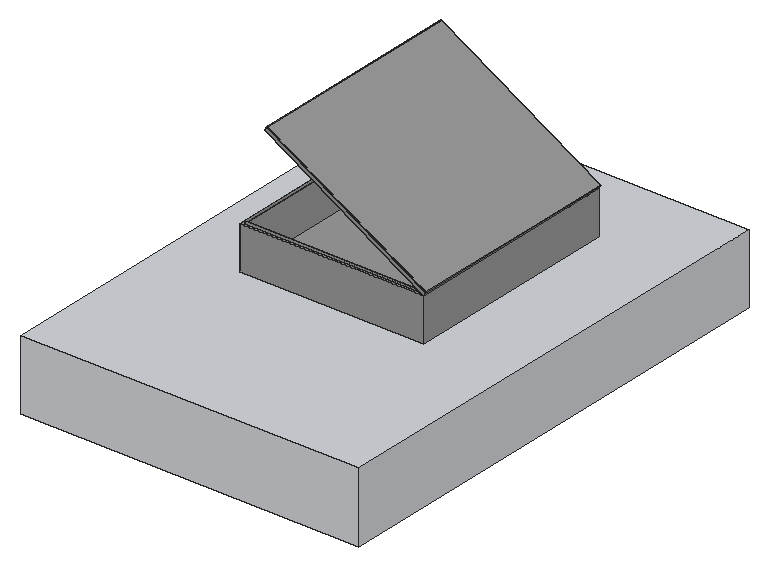
Revit family "Hager-Univers-IP44-D205-H950-Cl.II-Encl-SE-en", category Equipement électrique, Revit 2020
Family settings
  Hôte = Face
  Configuration du panneau = Deux colonnes, circuits au sein
  Cote de connecteur circulaire = Utiliser le diamètre
  Type d'élément = Tableau de raccordement
  Couper avec des vides une fois chargée = Non
  Partagée = Non
  Point de calcul de pièce = Non
Parameters (values of type "Surface mounted (plaster) IP44 W800 H950 D205  - FP63SN2")
  Width Control [instance] = if([EF000008 - Width] > Min Width, [EF000008 - Width], Min Width)  # 800 mm
  Commentaires du type = [HG000003 - Range]  # "Univers"
  Thickness Door [instance] = if([EF009171 - Material plate thickness door/cover] > 3 mm, 3 mm, [EF009171 - Material plate thickness door/cover])  # 1 mm
  Seal Frame Offset [instance] = 17 mm  # constant formula
  Plinth Visibility [instance] = [HG000027 - Plinth height] > 0 mm  # no
  Model = ""
  Min Width [instance] = 100 mm  # constant formula
  Min Height [instance] = 100 mm  # constant formula
  Min Depth [instance] = (2 * [EF009170 - Material plate thickness cabinet]) + 1 mm  # 3 mm
  Internal Frame Depth [instance] = (Door System Depth * 0.5)  # 9 mm
  Height Control [instance] = if([EF000040 - Height] > Min Height, [EF000040 - Height], Min Height)  # 950 mm
  HG000027 - Plinth height = 0 mm
  HG000026 - Floor standing = no
  HG000024 - Bottom section height = 800 mm
  HG000023 - Double section enclosure = no
  HG000016 - Door 3d visibility [instance] = yes
  HG000015 - Clearance visibility [instance] = no
  HG000014 - Door on the right [instance] = yes
  HG000013 - Door on the left [instance] = not([HG000014 - Door on the right])  # no
  HG000012 - Door swing angle [instance] = 30.00°
  HG000010 - Asymmetric doors = no
  HG000009 - Double swing door = no
  HG000006 - Flush mounted = no
  HG000004 - Manufacturer reference = "FP63SN2"
  HG000003 - Range = "Univers"
  HG000002 - With door or cover = yes
  Frame Offset Bottom [instance] = 10 mm  # constant formula
  Frame Offset [instance] = 15 mm  # constant formula
  EF015940 - Cover with overpressure release = no
  EF011959 - Degree of protection (NEMA) = ""
  EF009554 - Number of openings for flange plates = 6
  EF009212 - Cover model = "EV000116 - Closed"
  EF009171 - Material plate thickness door/cover = 1 mm
  EF009170 - Material plate thickness cabinet = 1 mm
  Fabricant = "Hager"  # constant formula
  EF008873 - Nominal current (In) = 250 A
  EF007800 - Suitable for lightning protection = no
  EF006306 - With lock = no
  EF006244 - Transparent cover/door = no
  EF005474 - Degree of protection (IP) = "EV006418 - IP44"
  EF004464 - Type of door = "EV002646 - Single"
  EF004427 - Number of modules = 216
  EF004293 - Impact strength = "EV006815 - IK09"
  EF003532 - Suitable for outdoor use = no
  EF002950 - Width in number of modular spacings = 36
  EF001613 - Circuit integrity = "EV000494 - None"
  EF001596 - Material housing = "EV000179 - Steel"
  EF001131 - Internal depth = 130 mm
  EF001088 - Extension possible = yes
  EF000437 - Number of conduit inlets = 6
  EF000339 - Type of cover = "EV004216 - Door"
  EF000266 - Number of rows = 6
  EF000218 - Built-in depth = 205 mm
  EF000118 - With mounting plate = no
  EF000116 - RAL-number = "9010"
  EF000049 - Depth = 205 mm
  EF000040 - Height = 950 mm
  EF000008 - Width = 800 mm
  EF000007 - Colour = "EV000202 - White"
  EF000003 - Mounting method = "EV000384 - Surface mounted (plaster)"
  Door System Leaf Tolerance [instance] = 1.5 mm  # constant formula
  Door System Depth [instance] = 18 mm  # constant formula
  Door Height [instance] = Height Control - [HG000027 - Plinth height]  # 950 mm
  Depth Control [instance] = if([EF000049 - Depth] > Min Depth, [EF000049 - Depth], Min Depth)  # 205 mm
  Default Elevation = 0 mm
  Connector Offset [instance] = Height Control / 2  # 475 mm
  Bottom Top Plate Trim [instance] = 1.5 mm  # constant formula
  Plinth height Ctrl [instance] = if([HG000027 - Plinth height] > 0 mm, [HG000027 - Plinth height], 12 mm)  # 12 mm
Types (5, lengths in mm): name | Width Control | HG000010 - Asymmetric doors | HG000009 - Double swing door | HG000004 - Manufacturer reference | EF009554 - Number of openings for flange plates | EF004464 - Type of door | EF004427 - Number of modules | EF002950 - Width in number of modular spacings | EF001131 - Internal depth | EF000437 - Number of conduit inlets | EF000339 - Type of cover | EF000008 - Width
  Surface mounted (plaster) IP44 W1050 H950 D205  - FP64SN2 | 1050 | no | yes | "FP64SN2" | 8 | "EV003602 - Double" | 288 | 48 | 130 | 8 | "EV004216 - Door" | 1050
  Surface mounted (plaster) IP44 W1300 H950 D205  - FP65SN2 | 1300 | yes | yes | "FP65SN2" | 10 | "EV003602 - Double" | 360 | 60 | 130 | 10 | "EV004216 - Door" | 1300
  Surface mounted (plaster) IP44 W300 H950 D205  - FP61SN2 | 300 | no | no | "FP61SN2" | 2 | "EV002646 - Single" | 72 | 12 | 143 | 2 | "EV001012 - Cover" | 300
  Surface mounted (plaster) IP44 W550 H950 D205  - FP62SN2 | 550 | no | no | "FP62SN2" | 4 | "EV002646 - Single" | 144 | 24 | 143 | 4 | "EV001012 - Cover" | 550
  Surface mounted (plaster) IP44 W800 H950 D205  - FP63SN2 | 800 | no | no | "FP63SN2" | 6 | "EV002646 - Single" | 216 | 36 | 130 | 6 | "EV004216 - Door" | 800
Reference planes
  plane 1 "Center (Front/Back)": y = 0
  plane 2: z = 0
  plane 3 "Center (Left/Right)": x = 0
  plane 4: z = 205
  plane 5: y = 1
  plane 6: y = 475
  plane 7: y = 0
  plane 8: y = 950
  plane 9: z = 0
  plane 10: x = -385
  plane 11: x = 385
  plane 12: x = 384
  plane 13: x = -384
  plane 14: y = 949
  plane 15: x = -383
  plane 16: x = -400
  plane 17: x = 383
  plane 18: x = 400
  plane 19: x = 399
  plane 20: x = -399
  plane 21: y = 11
  plane 22: y = 950
  plane 23: y = 934
  plane 24: z = 187
  plane 25: z = 1
  plane 26: z = 186
  plane 27: z = 204
Forms (mm)
  Extrusion 1, solid
    sketch origin (0, 0, 0) x (1, 0, 0) y (0, 1, 0)
      loop
        line (-702.964, 1305) -> (-702.964, -811.445) -> (766.763, -811.445) -> (766.763, 1305) -> (-702.964, 1305)
    from 0 to -304.8
  Extrusion 2, solid, material "Hager_Steel_RAL7035_Light_Grey", visible <- "Plinth Visibility", detail levels medium+fine
    sketch origin (0, 0, 0) x (1, 0, 0) y (0, 1, 0)
      loop
        line (-400, 0) -> (400, 0) -> (400, 12) -> (-400, 12) -> (-400, 0)
    from 0 to 187
  Extrusion 3, solid, material "Hager_Steel_RAL7035_Light_Grey", detail levels medium+fine
    sketch origin (0, 0, 0) x (1, 0, 0) y (0, 1, 0)
      loop
        line (-400, 0) -> (400, 0) -> (400, 950) -> (-400, 950) -> (-400, 0)
    from 0 to 187
  Extrusion 4, void
    sketch origin (0, 0, 0) x (1, 0, 0) y (0, 1, 0)
      loop
        line (-399, 1) -> (399, 1) -> (399, 949) -> (-399, 949) -> (-399, 1)
    from 1 to 186
  Extrusion 5, void
    sketch origin (-381.607, -4572, 187) x (0, -1, 0) y (-1, 0, 0)
      loop
        line (-4583, 2.393) -> (-5506, 2.393) -> (-5506, -765.607) -> (-4583, -765.607) -> (-4583, 2.393)
    from 0 to 1 <- "EF009170 - Material plate thickness cabinet"
  Extrusion 6, solid, material "Hager_Steel_RAL7035_Light_Grey", detail levels fine
    sketch origin (0, 0, 187) x (1, 0, 0) y (0, 1, 0)
      loop
        line (-384, 934) -> (-384, 11) -> (384, 11) -> (384, 934) -> (-384, 934)
      loop
        line (-385, 10) -> (385, 10) -> (385, 935) -> (-385, 935) -> (-385, 10)
    from 0 to 9 <- "Internal Frame Depth"
  Extrusion 7, solid, material "Hager_Steel_RAL7035_Light_Grey", detail levels coarse
    sketch origin (0, 0, 0) x (1, 0, 0) y (0, 1, 0)
      loop
        line (-400, 0) -> (400, 0) -> (400, 950) -> (-400, 950) -> (-400, 0)
    from 0 to 205
  Sweep 8, void
    path in 3D
      loop
        line (-400, 12, 0) -> (400, 12, 0) -> (400, 12, 187) -> (-400, 12, 187) -> (-400, 12, 0)
    profile origin (-400, 12, 93.5) x (-1, 0, 0) y (0, -1, 0)
      loop
        line (0, 0) -> (0, 1.5) -> (-1.5, 1.5)
        arc (-1.5, 1.5) -> (-1.061, 0.439) -> (0, 0) r 1.5
Cuts and joins
  Extrusion 4, Extrusion 5 cuts Extrusion 3
  Sweep 8 cuts Extrusion 2
Lines and regions (mm)
  Masking region 1
    outline origin (0, 0, 0) x (1, 0, 0) y (0, 0, 1)
      loop
        line (-400, 205) -> (-400, 0) -> (400, 0) -> (400, 205) -> (-400, 205)
  Masking region 2, detail levels medium+fine
    outline origin (0, 140, 0) x (0, 1, 0) y (0, 0, 1)
      loop
        line (-140, 0) -> (810, 0) -> (810, 187) -> (-140, 187) -> (-140, 0)
  Masking region 3, not visible, detail levels medium+fine
    outline origin (0, 297.922, 0) x (0, 1, 0) y (0, 0, 1)
      loop
        line (188.578, 0) -> (228.578, 0) -> (228.578, 194)
        arc (228.578, 194) -> (225.649, 201.071) -> (218.578, 204) r 10
        line (218.578, 204) -> (188.578, 204) -> (188.578, 0)
  Masking region 4, detail levels coarse
    outline origin (0, 0, 180) x (0, 1, 0) y (0, 0, 1)
      loop
        line (0, -180) -> (950, -180) -> (950, 25) -> (0, 25) -> (0, -180)
  Masking region 5, visible <- "Plinth Visibility", detail levels medium+fine
    outline origin (0, 52.24, 12.345) x (0, 0, -1) y (0, 1, 0)
      loop
        line (10.845, -40.24) -> (-173.155, -40.24)
        arc (-173.155, -40.24) -> (-173.594, -41.301) -> (-174.655, -41.74) r 1.5
        line (-174.655, -41.74) -> (-174.655, -52.24) -> (12.345, -52.24) -> (12.345, -41.74)
        arc (12.345, -41.74) -> (11.285, -41.301) -> (10.845, -40.24) r 1.5
  Masking region 6, detail levels medium+fine
    outline origin (-381.607, -4572, 187) x (-1, 0, 0) y (0, -1, 0)
      loop
        line (18.393, -5522) -> (18.393, -4572) -> (-781.607, -4572) -> (-781.607, -5522) -> (18.393, -5522)
  Masking region 7, visible <- "Plinth Visibility", detail levels medium+fine
    outline origin (-381.607, -4727, 187) x (-1, 0, 0) y (0, -1, 0)
      loop
        arc (16.893, -4739) -> (17.332, -4737.939) -> (18.393, -4737.5) r 1.5
        line (18.393, -4737.5) -> (18.393, -4727) -> (-781.607, -4727) -> (-781.607, -4737.5)
        arc (-781.607, -4737.5) -> (-780.546, -4737.939) -> (-780.107, -4739) r 1.5
        line (-780.107, -4739) -> (16.893, -4739)
  Masking region 8, detail levels coarse
    outline origin (-442.548, -4669.526, 187) x (-1, 0, 0) y (0, -1, 0)
      loop
        line (-42.548, -5619.526) -> (-42.548, -4669.526) -> (-842.548, -4669.526) -> (-842.548, -5619.526) -> (-42.548, -5619.526)
  sketch lines
    curve 1: line (-400, 12, 187) -> (-400, 12, 0)
    curve 2: line (400, 12, 187) -> (-400, 12, 187)
    curve 3: line (400, 12, 187) -> (400, 12, 0)
    curve 4: line (-400, 12, 0) -> (400, 12, 0)
Dimensions and locks
  "Depth Control": plane 4 to Extrusion 1
  "HG000027 - Plinth height": plane 1 "Center (Front/Back)" to plane 7
  "EF009170 - Material plate thickness cabinet": plane 5 to plane 7
  locked: connector elem to plane 3 "Center (Left/Right)"
  equal spacing: plane 8, plane 6, plane 7
  locked: connector elem to plane 6
  "EF009170 - Material plate thickness cabinet": plane 8 to plane 14
  "EF009170 - Material plate thickness cabinet": plane 10 to plane 13
  "EF009170 - Material plate thickness cabinet": plane 12 to plane 11
  "Frame Offset": plane 20 to plane 13
  "Frame Offset": plane 12 to plane 19
  "EF009170 - Material plate thickness cabinet": plane 16 to plane 20
  "EF009170 - Material plate thickness cabinet": plane 19 to plane 18
  "Seal Frame Offset": plane 16 to plane 15
  "Seal Frame Offset": plane 17 to plane 18
  "Frame Offset Bottom": plane 21 to plane 5
  "Frame Offset": plane 14 to plane 23
  equal spacing: plane 16, plane 3 "Center (Left/Right)", plane 18
  "Width Control": plane 16 to plane 18
  "EF009170 - Material plate thickness cabinet": plane 4 to plane 27
  "EF009170 - Material plate thickness cabinet": plane 24 to plane 26
  "EF009170 - Material plate thickness cabinet": plane 25 to level
  "Door System Depth": plane 4 to plane 24
  "Height Control": plane 1 "Center (Front/Back)" to Extrusion 7 sketch curve
  "Height Control": Masking region 4 sketch curve to plane 1 "Center (Front/Back)"
  "Height Control": plane 1 "Center (Front/Back)" to plane 22
  "Bottom Top Plate Trim": profile plane to Sweep 8 sketch curve
  "Bottom Top Plate Trim": Sweep 8 sketch curve to profile plane
  "Plinth height Ctrl": plane 1 "Center (Front/Back)" to Extrusion 2 sketch curve
  "Plinth height Ctrl": Masking region 5 sketch curve to plane 1 "Center (Front/Back)"
  "Plinth height Ctrl": plane 1 "Center (Front/Back)" to Masking region 7 sketch curve
  "Thickness Door": Extrusion 6 sketch curve to Extrusion 6 sketch curve  (x3)
  "Thickness Door": cut or joined group of Extrusion 3, Extrusion 4, Extrusion 5 to Extrusion 6 sketch curve
  radius of Masking region 3 sketch curve = 10 mm
  "Bottom Top Plate Trim": radius of Masking region 5 sketch curve  (x2)
  "Bottom Top Plate Trim": radius of Sweep 8 sketch curve
  "Bottom Top Plate Trim": radius of Masking region 7 sketch curve  (x2)
  aligned and locked: plane 2 to Extrusion 1
  aligned and locked: level to Extrusion 1
  aligned and locked: level to Masking region 1 sketch curve
  aligned and locked: Masking region 1 sketch curve to plane 18
  aligned and locked: Masking region 1 sketch curve to plane 16
  aligned and locked: plane 7 to Masking region 2 sketch curve
  aligned and locked: level to Masking region 3 sketch curve
  aligned and locked: Masking region 3 sketch curve to plane 27
  aligned and locked: level to Masking region 2 sketch curve
  aligned and locked: plane 1 "Center (Front/Back)" to Extrusion 2 sketch curve
  aligned and locked: Extrusion 3 sketch curve to plane 7
  aligned and locked: plane 16 to Extrusion 3 sketch curve
  aligned and locked: plane 18 to Extrusion 3 sketch curve
  aligned and locked: plane 20 to Extrusion 4 sketch curve
  aligned and locked: plane 19 to Extrusion 4 sketch curve
  aligned and locked: Extrusion 4 sketch curve to plane 5
  aligned and locked: Extrusion 4 to plane 25
  aligned and locked: plane 26 to Extrusion 4
  aligned and locked: plane 24 to Extrusion 3
  aligned and locked: Extrusion 5 sketch curve to plane 21
  aligned and locked: Extrusion 5 sketch curve to plane 13
  aligned and locked: Extrusion 5 sketch curve to plane 12
  aligned and locked: plane 18 to Extrusion 7 sketch curve
  aligned and locked: plane 1 "Center (Front/Back)" to Extrusion 7 sketch curve
  aligned and locked: plane 16 to Extrusion 7 sketch curve
  aligned and locked: plane 4 to Extrusion 7
  aligned and locked: Extrusion 7 to level
  aligned and locked: level to Masking region 4 sketch curve
  aligned and locked: Masking region 4 sketch curve to plane 1 "Center (Front/Back)"
  aligned and locked: Masking region 4 sketch curve to plane 4
  aligned and locked: nested 1 to level
  aligned and locked: nested 1 to plane 16
  aligned and locked: plane 8 to Extrusion 3 sketch curve
  aligned and locked: plane 23 to Extrusion 5 sketch curve
  aligned and locked: plane 14 to Extrusion 4 sketch curve
  aligned and locked: Masking region 2 sketch curve to plane 8
  aligned and locked: level to Masking region 5 sketch curve
  aligned and locked: plane 16 to Extrusion 2 sketch curve
  aligned and locked: plane 18 to Extrusion 2 sketch curve
  aligned and locked: Masking region 5 sketch curve to plane 24
  aligned and locked: Masking region 2 sketch curve to plane 24
  aligned and locked: plane 24 to Extrusion 2
  aligned and locked: profile plane to Sweep 8 sketch curve  (x2)
  aligned and locked: Masking region 6 sketch curve to plane 18
  aligned and locked: Masking region 6 sketch curve to plane 22
  aligned and locked: Masking region 6 sketch curve to plane 16
  aligned and locked: plane 8 to plane 22
  aligned and locked: Masking region 6 sketch curve to plane 7
  aligned and locked: Masking region 7 sketch curve to plane 16
  aligned and locked: Masking region 7 sketch curve to plane 1 "Center (Front/Back)"
  aligned and locked: Masking region 7 sketch curve to plane 18
  aligned and locked: Masking region 8 sketch curve to plane 1 "Center (Front/Back)"
  aligned and locked: Masking region 8 sketch curve to plane 18
  aligned and locked: Masking region 8 sketch curve to plane 22
  aligned and locked: Masking region 8 sketch curve to plane 16
  aligned and locked: nested 2 to plane 7
  aligned and locked: plane 3 "Center (Left/Right)" to nested 2
  aligned and locked: nested 2 to plane 24
  aligned and locked: Extrusion 6 sketch curve to cut or joined group of Extrusion 3, Extrusion 4, Extrusion 5  (x4)
Automatic sketch dimensions
  Extrusion 1 sketch curve to Extrusion 1 sketch curve = 1469.727 mm
  Extrusion 1 sketch curve to Extrusion 1 sketch curve = 2116.445 mm
  Masking region 1 sketch curve to plane 4 = 0 mm
  plane 6 to Masking region 3 sketch curve = 11.5 mm
  Masking region 3 sketch curve to Masking region 3 sketch curve = 30 mm
  Masking region 5 sketch curve to plane 1 "Center (Front/Back)" = 0 mm
Nested families
  nested 1: "Hager_Enclosure_Symbol" at (-400, 0, 0) x (1, 0, 0) z (0, -1, 0), Height <- "Depth Control", Width <- "Width Control", type "Hager_Enclosure_Symbol"
    with Width_Ctrl 800 mm, Width 800 mm, Height_Ctrl 205 mm, Height 205 mm, A_Width_Int 13.453 mm, A_Width 161.438 mm, A_Height_Ctrl 179.375 mm, A_Height 179.375 mm
  nested 2: "EC000058_Univers_Door" at (0, 0, 187) x (1, 0, 0) z (0, 1, 0), Leaf_Tolerance <- "Door System Leaf Tolerance", Angle <- "HG000012 - Door swing angle", Door_Depth <- "Door System Depth", Door_Left <- "HG000013 - Door on the left", Transparent <- "EF006244 - Transparent cover/door", Assymetrical <- "HG000010 - Asymmetric doors", Width <- "Width Control", Clearance <- "HG000015 - Clearance visibility", Double <- "HG000009 - Double swing door", 3d_Door <- "HG000016 - Door 3d visibility", Lock_Visibility <- "EF006306 - With lock", Width_Ctrl <- "Width Control", Door_Right <- "HG000014 - Door on the right", Door <- "HG000002 - With door or cover", Height <- "Door Height", Thickness <- "Thickness Door", type "EC000058_Univers_Door", detail levels medium+fine
    with min_wh 3 mm, Width_Ctrl 800 mm, Width 800 mm, Transparent no, Thickness 1 mm, Seal_Material Hager_Rubber, Lock_Visibility no, Lock_Material Hager_Plastic_RAL9005_Jet_Black, Leaf_Width 800 mm, Leaf_Tolerance_External_Sides 0 mm, Leaf_Tolerance 1.5 mm, Leaf_Offset 0 mm, Leaf_Height 947 mm, Leaf_2_Width 800 mm, Leaf_2_Offset 400 mm, Leaf_1_Width 800 mm, Leaf_1_Offset 400 mm, Height_Ctrl 950 mm, Height 950 mm, Glass_Material Hager_Glass, Double_Clearance_Ctrl no, Double no, Door_Right_Ctrl yes, Door_Right yes, Door_Material Hager_Steel_RAL7035_Light_Grey, Door_Left_Ctrl no, Door_Left no, Door_Depth 18 mm, Door yes, Clearance_Material Hager_Clearance, Clearance_Depth 800 mm, Clearance_Ctrl no, Clearance no, Assymetrical no, Angle 30.00°, 3d_Door yes
Connectors
  electrical at (0, 475, 0)
    settings: on plane 9, index 1, voltage 0 V, apparent load 0 VA, apparent load phase1 0 VA, apparent load phase2 0 VA, apparent load phase3 0 VA, power factor 1, load classification "Other", number of poles 1, system type 30, power factor state 1, is connector primary yes, connector utility no, sub classification motor no, connector description ""
Definition of nested family "EC000058_Univers_Door"
  Parameters (values of type "EC000058_Univers_Door")
    min_wh [instance] = (2 * Thickness) + 1 mm  # 11 mm
    Width_Ctrl [instance] = 400 mm
    Width [instance] = 500 mm
    Transparent [instance] = yes
    Thickness [instance] = 5 mm
    Seal_Material [instance] = none
    Lock_Visibility [instance] = yes
    Lock_Material [instance] = none
    Leaf_Width [instance] = if((Width_Ctrl - 2 * Leaf_Tolerance_External_Sides) > 0 mm, (Width_Ctrl - 2 * Leaf_Tolerance_External_Sides), min_wh)  # 400 mm
    Leaf_Tolerance_External_Sides [instance] = 0 mm  # constant formula
    Leaf_Tolerance [instance] = 1.5 mm
    Leaf_Offset [instance] = 0 mm  # constant formula
    Leaf_Height [instance] = if((Height_Ctrl - 2 * Leaf_Tolerance) > 0 mm, (Height_Ctrl - 2 * Leaf_Tolerance), min_wh)  # 497 mm
    Leaf_2_Width [instance] = if(and(and(Double, Assymetrical), Door_Left), (Leaf_Width / 3) - (Leaf_Tolerance / 2), if(and(and(Double, Assymetrical), Door_Right), (Leaf_Width / 3) * 2 - (Leaf_Tolerance / 2), if(and(Double, not(Assymetrical)), (Leaf_Width / 2) - Leaf_Tolerance, Leaf_Width)))  # 400 mm
    Leaf_2_Offset [instance] = if(and(Double, Assymetrical), Leaf_2_Width / 2, if(and(Double, not(Assymetrical)), Leaf_Width / 4, Leaf_Width / 2))  # 200 mm
    Leaf_1_Width [instance] = if(and(and(Double, Assymetrical), Door_Right), (Leaf_Width / 3) - (Leaf_Tolerance / 2), if(and(and(Double, Assymetrical), Door_Left), (Width / 3) * 2 - (Leaf_Tolerance / 2), if(and(Double, not(Assymetrical)), (Leaf_Width / 2) - Leaf_Tolerance, Leaf_Width)))  # 400 mm
    Leaf_1_Offset [instance] = if(and(Double, Assymetrical), Leaf_1_Width / 2, if(and(Double, not(Assymetrical)), Leaf_Width / 4, Leaf_Width / 2))  # 200 mm
    Height_Ctrl [instance] = if(Height > min_wh, Height, min_wh)  # 500 mm
    Height [instance] = 500 mm
    Glass_Material [instance] = none
    Double_Clearance_Ctrl [instance] = and(Double, Clearance)  # no
    Double [instance] = no
    Door_Right_Ctrl [instance] = and(or(Door_Right, Double), Door)  # yes
    Door_Right [instance] = yes
    Door_Material [instance] = none
    Door_Left_Ctrl [instance] = and(or(Door_Left, Double), Door)  # no
    Door_Left [instance] = no
    Door_Depth [instance] = 30 mm
    Door [instance] = yes
    Default Elevation = 1219.2 mm
    Clearance_Material [instance] = none
    Clearance_Depth [instance] = if(Leaf_1_Width > Leaf_2_Width, Leaf_1_Width, Leaf_2_Width)  # 400 mm
    Clearance_Ctrl [instance] = and(not(Double), Clearance)  # yes
    Clearance [instance] = yes
    Assymetrical [instance] = yes
    Angle [instance] = 30.00°
    3d_Door [instance] = yes
  Reference planes
    plane 1 "Center (Front/Back)": y = 0
    plane 2 "Bottom": z = 0
    plane 3 "Center (Left/Right)": x = 0
    plane 4: z = 500
    plane 5: x = -200
    plane 6: x = 200
    plane 7: z = 500
    plane 8: x = -200
    plane 9: z = 0
    plane 10: x = 200
    plane 11: y = 0
    plane 12: z = 1.5
    plane 13: x = -600
    plane 14: y = -400
    plane 15: x = 600
    plane 16: x = 0
    plane 17: x = 0
    plane 18: x = -200
    plane 19: x = 200
    plane 20: z = 498.5
  Forms (mm)
    Extrusion 1, solid, material <- "Clearance_Material", visible <- "Double_Clearance_Ctrl"
      sketch origin (1200, 0, 0) x (1, 0, 0) y (0, 0, -1)
        loop
          line (-1800, -498.5) -> (-600, -498.5) -> (-600, 0) -> (-1800, 0) -> (-1800, -498.5)
      from 0 to -400
  Dimensions and locks
    equal spacing: plane 5, plane 3 "Center (Left/Right)", plane 6
    "Width_Ctrl": plane 5 to plane 6
    "Leaf_Offset": plane 5 to plane 8
    "Leaf_Offset": plane 6 to plane 10
    "Leaf_Offset": plane 9 to level
    "Leaf_Offset": plane 4 to plane 7
    "Height_Ctrl": plane 4 to level
    "Leaf_Tolerance": plane 12 to plane 9
    locked: plane 11 to plane 1 "Center (Front/Back)"
    "Leaf_1_Offset": plane 18 to plane 16
    "Leaf_2_Offset": plane 17 to plane 19
    "Leaf_1_Width": plane 13 to plane 8
    "Leaf_2_Width": plane 10 to plane 15
    "Clearance_Depth": plane 14 to plane 1 "Center (Front/Back)"
    "Leaf_Tolerance_External_Sides": plane 8 to plane 18
    "Leaf_Tolerance_External_Sides": plane 19 to plane 10
    "Leaf_Tolerance": plane 7 to plane 20
    aligned and locked: level to plane 2 "Bottom"
    aligned and locked: nested 1 to plane 16
    aligned and locked: nested 2 to plane 17
    aligned and locked: Extrusion 1 to plane 13
    aligned and locked: plane 15 to Extrusion 1
    aligned and locked: Extrusion 1 to plane 14
    aligned and locked: plane 12 to nested 1
    aligned and locked: nested 2 to plane 12
    aligned and locked: Extrusion 1 to plane 11
    aligned and locked: plane 20 to Extrusion 1
    aligned and locked: nested 2 to plane 11
    aligned and locked: nested 1 to plane 11
  Automatic sketch dimensions
    Extrusion 1 sketch curve to level = 0 mm
    plane 5 to Extrusion 1 sketch curve = 400 mm
    plane 6 to Extrusion 1 sketch curve = 400 mm
    Extrusion 1 sketch curve to plane 4 = 1.5 mm
  Nested families
    nested 1: "EC000058_Univers_Door_Leaf" at (0, 0, 1.5), Width <- "Leaf_1_Width", visible <- "Door_Left_Ctrl", Leaf_Height <- "Leaf_Height", Angle <- "Angle", 3d_Door <- "3d_Door", Transparent <- "Transparent", Clearance Material <- "Clearance_Material", Clearance <- "Clearance_Ctrl", Door_Material <- "Door_Material", Glass_Material <- "Glass_Material", Door_Depth <- "Door_Depth", Lock_Material <- "Lock_Material", Seal_Material <- "Seal_Material", Lock_Visibility <- "Lock_Visibility", Thickness <- "Thickness", type "EC000058_Univers_Door_Leaf"
      with Width 400 mm, Transparent_Glass_Offset 30 mm, Transparent_Ctrl yes, Transparent yes, Thickness 5 mm, Standard no, Seal_Material none, Seal_D2 8 mm, Seal_D1 1 mm, Offset_Internal_Frame 10 mm, Lock_Width 20 mm, Lock_Visibility_3d yes, Lock_Visibility yes, Lock_Thickness_3 3 mm, Lock_Thickness_2 1 mm, Lock_Thickness_1 3 mm, Lock_Radius_Offset_2 16 mm, Lock_Radius_Offset_1 15 mm, Lock_Radius_2 5 mm, Lock_Radius 6 mm, Lock_Offset 5 mm, Lock_Material none, Lock_Height 80 mm, Lock_Cover_Top_Offset_2d 17 mm, Lock_Cover_Height -65 mm, Leaf_Height 497 mm, Internal_Seal_Thickness 8 mm, Internal_Seal_Depth_2 4.5 mm, Internal_Frame_Depth 25 mm, Glass_Thickness -1 mm, Glass_Offset -2 mm, Glass_Material none, Door_Material none, Door_Depth 30 mm, Clearance Material none, Clearance yes, Angle_Ctrl 30.00°, Angle 30.00°, 3d_Door yes
    nested 2: "EC000058_Univers_Door_Leaf" at (0, 0, 1.5) x (-1, 0, 0) z (0, 0, 1), Width <- "Leaf_2_Width", visible <- "Door_Right_Ctrl", Leaf_Height <- "Leaf_Height", Angle <- "Angle", 3d_Door <- "3d_Door", Transparent <- "Transparent", Clearance Material <- "Clearance_Material", Clearance <- "Clearance_Ctrl", Door_Material <- "Door_Material", Glass_Material <- "Glass_Material", Door_Depth <- "Door_Depth", Lock_Material <- "Lock_Material", Seal_Material <- "Seal_Material", Lock_Visibility <- "Lock_Visibility", Thickness <- "Thickness", type "EC000058_Univers_Door_Leaf"
      with Width 400 mm, Transparent_Glass_Offset 30 mm, Transparent_Ctrl yes, Transparent yes, Thickness 5 mm, Standard no, Seal_Material none, Seal_D2 8 mm, Seal_D1 1 mm, Offset_Internal_Frame 10 mm, Lock_Width 20 mm, Lock_Visibility_3d yes, Lock_Visibility yes, Lock_Thickness_3 3 mm, Lock_Thickness_2 1 mm, Lock_Thickness_1 3 mm, Lock_Radius_Offset_2 16 mm, Lock_Radius_Offset_1 15 mm, Lock_Radius_2 5 mm, Lock_Radius 6 mm, Lock_Offset 5 mm, Lock_Material none, Lock_Height 80 mm, Lock_Cover_Top_Offset_2d 17 mm, Lock_Cover_Height -65 mm, Leaf_Height 497 mm, Internal_Seal_Thickness 8 mm, Internal_Seal_Depth_2 4.5 mm, Internal_Frame_Depth 25 mm, Glass_Thickness -1 mm, Glass_Offset -2 mm, Glass_Material none, Door_Material none, Door_Depth 30 mm, Clearance Material none, Clearance yes, Angle_Ctrl 30.00°, Angle 30.00°, 3d_Door yes
  Definition of nested family "EC000058_Univers_Door_Leaf"
    Parameters (values of type "EC000058_Univers_Door_Leaf")
      Width [instance] = 2000 mm
      Transparent_Glass_Offset [instance] = 30 mm
      Transparent_Ctrl [instance] = and(Transparent, [3d_Door])  # yes
      Transparent [instance] = yes
      Thickness [instance] = 5 mm
      Standard [instance] = and(not(Transparent), [3d_Door])  # no
      Seal_Material [instance] = none
      Seal_D2 [instance] = 8 mm  # constant formula
      Seal_D1 [instance] = 1 mm  # constant formula
      Offset_Internal_Frame [instance] = 10 mm  # constant formula
      Lock_Width [instance] = 20 mm  # constant formula
      Lock_Visibility_3d [instance] = and(Lock_Visibility, [3d_Door])  # yes
      Lock_Visibility [instance] = yes
      Lock_Thickness_3 [instance] = 3 mm  # constant formula
      Lock_Thickness_2 [instance] = 1 mm  # constant formula
      Lock_Thickness_1 [instance] = 3 mm  # constant formula
      Lock_Radius_Offset_2 [instance] = Lock_Radius_Offset_1 + 1 mm  # 16 mm
      Lock_Radius_Offset_1 [instance] = 15 mm  # constant formula
      Lock_Radius_2 [instance] = Lock_Radius - 1 mm  # 5 mm
      Lock_Radius [instance] = 6 mm  # constant formula
      Lock_Offset [instance] = 5 mm  # constant formula
      Lock_Material [instance] = none
      Lock_Height [instance] = 80 mm  # constant formula
      Lock_Cover_Top_Offset_2d [instance] = Lock_Radius_Offset_2 + 1 mm  # 17 mm
      Lock_Cover_Height [instance] = -(Lock_Height - Lock_Radius_Offset_1)  # -65 mm
      Leaf_Height [instance] = 2720.336 mm
      Internal_Seal_Thickness [instance] = 8 mm  # constant formula
      Internal_Seal_Depth_2 [instance] = 4.5 mm  # constant formula
      Internal_Frame_Depth [instance] = if(Door_Depth - Thickness > 5 mm, Door_Depth - Thickness, 5 mm)  # 25 mm
      Glass_Thickness [instance] = if(Thickness > 15 mm, Glass_Offset + 10 mm, -1 mm)  # -1 mm
      Glass_Offset [instance] = if(Thickness > 15 mm, -(Thickness + 10 mm) / 2, -2 mm)  # -2 mm
      Glass_Material [instance] = none
      Door_Material [instance] = none
      Door_Depth [instance] = 30 mm
      Default Elevation = 0 mm
      Clearance Material [instance] = none
      Clearance [instance] = yes
      Angle_Ctrl [instance] = if(Angle > 180.00°, 180.00°, Angle)  # 90.00°
      Angle [instance] = 90.00°
      3d_Door [instance] = yes
    Reference planes
      plane 1 "Center (Front/Back)": y = 0
      plane 2: z = 0
      plane 3 "Center (Left/Right)": x = 0
      plane 4: y = 2000
      plane 5: x = -1000
      plane 6: x = 1000
      plane 7: x = -3000
      plane 8: z = 2720.336
      plane 9: z = 30
      plane 10: z = 2690.336
      plane 11: x = 970
      plane 12: x = -970
      plane 13: y = -3
      plane 14: z = 107.833
      plane 15: y = -5
      plane 16: y = -223.314
      plane 17: x = -1000
      plane 18: z = 1360.168
      plane 19: y = 30
    Forms (mm)
      Extrusion 1, solid, material <- "Clearance Material", visible <- "Clearance"
        sketch origin (0, 0, 0) x (1, 0, 0) y (0, 0, 1)
          loop
            line (-3000, 2720.336) -> (-3000, 0) -> (1000, 0) -> (1000, 2720.336) -> (-3000, 2720.336)
        from 0 to -2000
      Extrusion 2, solid, material <- "Door_Material", visible <- "Standard", detail levels medium+fine
        sketch origin (-1000, 0, 0) x (0, 1, 0) y (-1, 0, 0)
          loop
            line (0, 30) -> (0, 25) -> (2000, 25) -> (2000, 30) -> (0, 30)
        from 0 to 2720.336 <- "Leaf_Height"
      Extrusion 3, solid, material <- "Door_Material", visible <- "Transparent_Ctrl", detail levels medium+fine
        sketch origin (-1000, 0, 0) x (0, 1, 0) y (-1, 0, 0)
          loop
            line (0, 25) -> (2000, 25) -> (2000, 30) -> (0, 30) -> (0, 25)
        from 0 to 2720.336 <- "Leaf_Height"
      Extrusion 4, void
        sketch origin (-1025, 2000, 0) x (0, 1, 0) y (0, 0, -1)
          loop
            line (-30, -2690.336) -> (-30, -30) -> (-1970, -30) -> (-1970, -2690.336) -> (-30, -2690.336)
        from 0 to 5 <- "Thickness"
      Sweep 5, solid, material <- "Seal_Material", visible <- "Transparent_Ctrl", detail levels fine
        path in 3D
          loop
            line (-1025, 30, 30) -> (-1025, 30, 2690.336) -> (-1025, 1970, 2690.336) -> (-1025, 1970, 30) -> (-1025, 30, 30)
        profile origin (-1025, 1000, 30) x (1, 0, 0) y (0, 0, 1)
          loop
            line (0, 0) -> (0, -8) -> (1, -8) -> (1, 0) -> (0, 0)
      Extrusion 6, solid, material <- "Glass_Material", visible <- "Transparent_Ctrl", detail levels medium+fine
        sketch origin (-1030, 0, 0) x (0, 1, 0) y (0, 0, -1)
          loop
            line (1970, -2690.336) -> (1970, -30) -> (30, -30) -> (30, -2690.336) -> (1970, -2690.336)
        from -2 <- "Glass_Offset" to -1 <- "Glass_Thickness"
      Extrusion 7, solid, material <- "Door_Material", visible <- "3d_Door", detail levels medium+fine
        sketch origin (-1025, 2000, 0) x (0, -1, 0) y (0, 0, -1)
          loop
            line (0, -2720.336) -> (2000, -2720.336) -> (2000, 0) -> (0, 0) -> (0, -2720.336)
          loop
            line (1995, -5) -> (5, -5) -> (5, -2715.336) -> (1995, -2715.336) -> (1995, -5)
        from 0 to 25 <- "Internal_Frame_Depth"
      Sweep 8, solid, material <- "Seal_Material", visible <- "Transparent_Ctrl", detail levels fine
        path in 3D
          loop
            line (-1025, 0, 0) -> (-1025, 2000, 0) -> (-1025, 2000, 2720.336) -> (-1025, 0, 2720.336) -> (-1025, 0, 0)
        profile origin (-1025, 0, 1360.168) x (1, 0, 0) y (0, 1, 0)
          loop
            line (0, 10) -> (2.975, 10)
            arc (2.975, 10) -> (4.053, 10.447) -> (4.5, 11.525) r 1.525
            line (4.5, 11.525) -> (4.5, 16.527)
            arc (4.5, 16.527) -> (4.069, 17.569) -> (3.027, 18) r 1.473
            line (3.027, 18) -> (0, 18) -> (0, 10)
      Extrusion 9, solid, material <- "Lock_Material", visible <- "Lock_Visibility_3d", detail levels fine
        sketch origin (-1030, 0, 0) x (0, 1, 0) y (0, 0, -1)
          loop
            arc (1993.5, -1400.168) -> (1994.561, -1399.729) -> (1995, -1398.668) r 1.5
            line (1995, -1398.668) -> (1995, -1320.168) -> (1975, -1320.168) -> (1975, -1398.668)
            arc (1975, -1398.668) -> (1975.439, -1399.729) -> (1976.5, -1400.168) r 1.5
            line (1976.5, -1400.168) -> (1993.5, -1400.168)
        from 3 <- "Lock_Thickness_1" to 0
      Blend 10, solid, material <- "Lock_Material", visible <- "Lock_Visibility_3d", detail levels fine
        base sketch origin (-1033, 0, 0) x (0, 1, 0) y (0, 0, -1)
          loop
            line (1975, -1320.168) -> (1975, -1398.668)
            arc (1975, -1398.668) -> (1975.439, -1399.729) -> (1976.5, -1400.168) r 1.5
            line (1976.5, -1400.168) -> (1993.5, -1400.168)
            arc (1993.5, -1400.168) -> (1994.561, -1399.729) -> (1995, -1398.668) r 1.5
            line (1995, -1398.668) -> (1995, -1320.168) -> (1975, -1320.168)
        top sketch origin (-1033, 0, 0) x (0, 1, 0) y (0, 0, -1)
          loop
            line (1976, -1320.168) -> (1976, -1398.668)
            arc (1976, -1398.668) -> (1976.146, -1399.022) -> (1976.5, -1399.168) r 0.5
            line (1976.5, -1399.168) -> (1993.5, -1399.168)
            arc (1993.5, -1399.168) -> (1993.854, -1399.022) -> (1994, -1398.668) r 0.5
            line (1994, -1398.668) -> (1994, -1320.168) -> (1976, -1320.168)
        from 0 to 1 <- "Lock_Thickness_2"
      Blend 11, solid, material <- "Lock_Material", visible <- "Lock_Visibility_3d", detail levels fine
        base sketch origin (-1034, 0, 0) x (0, 1, 0) y (0, 0, -1)
          loop
            line (1978, -1320.168) -> (1978, -1384.168)
            arc (1978, -1384.168) -> (1985, -1391.168) -> (1992, -1384.168) r 7
            line (1992, -1384.168) -> (1992, -1320.168) -> (1978, -1320.168)
        top sketch origin (-1034, 0, 0) x (0, 1, 0) y (0, 0, -1)
          loop
            line (1991, -1320.168) -> (1979, -1320.168) -> (1979, -1383.168)
            arc (1979, -1383.168) -> (1985, -1389.168) -> (1991, -1383.168) r 6
            line (1991, -1383.168) -> (1991, -1320.168)
        from 0 to 3 <- "Lock_Thickness_3"
      Extrusion 12, solid, material <- "Lock_Material", visible <- "Lock_Visibility_3d", detail levels fine
        sketch origin (-1030, 1975, 1320.168) x (1, 0, 0) y (0, -1, 0)
          loop
            line (-7, -19) -> (-7, -1) -> (0, -1) -> (0, 0) -> (-8, 0) -> (-8, -20) -> (0, -20) -> (0, -19) -> (-7, -19)
        from 0 to -65 <- "Lock_Cover_Height"
      Extrusion 13, void
        sketch origin (-1038, 1995, 1320.168) x (-1, 0, 0) y (0, 0, -1)
          loop
            line (-5, -65) -> (0, -65) -> (-5, -60) -> (-5, -65)
        from 0 to 20 <- "Lock_Width"
      Extrusion 14, void
        sketch origin (-1038, 1975, 1320.168) x (0, -1, 0) y (0, 0, -1)
          loop
            circle (-10, -15.995) r 6
          loop
            circle (-10, -15.995) r 5
        from 0 to 2
      Extrusion 15, solid, material <- "Lock_Material", visible <- "Lock_Visibility_3d", detail levels medium
        sketch origin (-1030, 0, 0) x (0, 1, 0) y (0, 0, -1)
          loop
            arc (1993.5, -1400.168) -> (1994.561, -1399.729) -> (1995, -1398.668) r 1.5
            line (1995, -1398.668) -> (1995, -1320.168) -> (1975, -1320.168) -> (1975, -1398.668)
            arc (1975, -1398.668) -> (1975.439, -1399.729) -> (1976.5, -1400.168) r 1.5
            line (1976.5, -1400.168) -> (1993.5, -1400.168)
        from 8 to 0
    Cuts and joins
      Extrusion 4 cuts Extrusion 3
      Extrusion 13, Extrusion 14 cuts Extrusion 9
      Extrusion 14 cuts Blend 11
      Extrusion 13, Extrusion 14 cuts Extrusion 12
      joined: Extrusion 9, Blend 10, Blend 11, Extrusion 12
      Extrusion 14 cuts Extrusion 15
    Lines and regions (mm)
      Masking region 1, visible <- "Lock_Visibility", detail levels fine
        outline origin (0, 0, 0) x (0, 1, 0) y (0, 0, 1)
          loop
            line (30, 1320.168) -> (33, 1320.168) -> (33, 1400.168) -> (30, 1400.168) -> (30, 1320.168)
      Masking region 2, visible <- "Lock_Visibility", detail levels fine
        outline origin (0, 3.143, 0) x (0, 1, 0) y (0, 0, 1)
          loop
            line (29.857, 1354.168) -> (30.857, 1354.168) -> (30.857, 1366.168) -> (29.857, 1366.168) -> (29.857, 1354.168)
      Masking region 3, detail levels medium+fine
        outline origin (0, 0, 0) x (0, 1, 0) y (0, 0, 1)
          loop
            line (0, 0) -> (30, 0) -> (30, 2720.336) -> (0, 2720.336) -> (0, 0)
      Masking region 4, detail levels medium+fine
        outline origin (0, 0, 0) x (1, 0, 0) y (0, 0, 1)
          loop
            line (-1000, 2720.336) -> (-1000, 0) -> (1000, 0) -> (1000, 2720.336) -> (-1000, 2720.336)
      Masking region 5, visible <- "Lock_Visibility", detail levels fine
        outline origin (-47.116, 0, 0) x (1, 0, 0) y (0, 0, 1)
          loop
            arc (1024.616, 1399.168) -> (1023.556, 1398.729) -> (1023.116, 1397.668) r 1.5
            line (1023.116, 1397.668) -> (1023.116, 1320.168) -> (1041.116, 1320.168) -> (1041.116, 1397.668)
            arc (1041.116, 1397.668) -> (1040.677, 1398.729) -> (1039.616, 1399.168) r 1.5
            line (1039.616, 1399.168) -> (1024.616, 1399.168)
      Masking region 6, visible <- "Lock_Visibility", detail levels medium+fine
        outline origin (-25, 0, 0) x (1, 0, 0) y (0, 0, 1)
          loop
            arc (1001.5, 1400.168) -> (1000.439, 1399.729) -> (1000, 1398.668) r 1.5
            line (1000, 1398.668) -> (1000, 1320.168) -> (1020, 1320.168) -> (1020, 1398.668)
            arc (1020, 1398.668) -> (1019.561, 1399.729) -> (1018.5, 1400.168) r 1.5
            line (1018.5, 1400.168) -> (1001.5, 1400.168)
      Masking region 7, visible <- "Lock_Visibility", detail levels fine
        outline origin (-73.735, 0, 0) x (1, 0, 0) y (0, 0, 1)
          loop
            line (1051.735, 1382.168) -> (1065.735, 1382.168) -> (1065.735, 1384.168)
            arc (1065.735, 1384.168) -> (1058.735, 1391.168) -> (1051.735, 1384.168) r 7
            line (1051.735, 1384.168) -> (1051.735, 1382.168)
      Masking region 8, visible <- "Lock_Visibility", detail levels fine
        outline origin (-73.735, 0, 0) x (1, 0, 0) y (0, 0, 1)
          loop
            line (1052.735, 1382.168) -> (1064.735, 1382.168) -> (1064.735, 1383.168)
            arc (1064.735, 1383.168) -> (1058.735, 1389.168) -> (1052.735, 1383.168) r 6
            line (1052.735, 1383.168) -> (1052.735, 1382.168)
      Masking region 9, visible <- "Lock_Visibility", detail levels fine
        outline origin (-25, 0, 0) x (1, 0, 0) y (0, 0, 1)
          loop
            line (1020, 1320.168) -> (1020, 1382.168) -> (1000, 1382.168) -> (1000, 1320.168) -> (1020, 1320.168)
      Masking region 10, detail levels medium+fine
        outline origin (0, 0, 0) x (1, 0, 0) y (0, 0, 1)
          loop
            circle (985, 1335.144) r 6
      Masking region 11, detail levels fine
        outline origin (0, 0, 0) x (1, 0, 0) y (0, 0, 1)
          loop
            circle (985, 1335.144) r 5
      Masking region 12, visible <- "Lock_Visibility", detail levels fine
        outline origin (0, 12.767, 0) x (0, 1, 0) y (0, 0, 1)
          loop
            line (20.233, 1320.168) -> (21.233, 1320.168) -> (21.233, 1399.168) -> (20.233, 1400.168) -> (20.233, 1320.168)
      Masking region 13, visible <- "Lock_Visibility", detail levels fine
        outline origin (0, 13.767, -10) x (0, 1, 0) y (0, 0, 1)
          loop
            line (20.233, 1330.168) -> (23.233, 1330.168) -> (23.233, 1399.168) -> (20.233, 1402.168) -> (20.233, 1330.168)
      Masking region 14, visible <- "Lock_Visibility", detail levels fine
        outline origin (0, 12.767, -10) x (0, 1, 0) y (0, 0, 1)
          loop
            line (20.233, 1330.168) -> (25.233, 1330.168) -> (25.233, 1399.305) -> (20.233, 1394.305) -> (20.233, 1330.168)
      Masking region 15, visible <- "Lock_Visibility", detail levels medium
        outline origin (0, 0, 0) x (0, 1, 0) y (0, 0, 1)
          loop
            line (30, 1320.168) -> (38, 1320.168) -> (38, 1400.168) -> (30, 1400.168) -> (30, 1320.168)
      Masking region 16, visible <- "Lock_Visibility", detail levels fine
        outline origin (-1000, 0, 0) x (0, 1, 0) y (-1, 0, 0)
          loop
            line (1975, 30) -> (1995, 30) -> (1995, 38) -> (1975, 38) -> (1975, 30)
          loop
            line (1979, 37) -> (1976, 37) -> (1976, 34) -> (1978, 34) -> (1979, 37)
          loop
            line (1994, 37) -> (1991, 37) -> (1992, 34) -> (1994, 34) -> (1994, 37)
      Masking region 17, visible <- "Lock_Visibility", detail levels medium
        outline origin (-1000, 0, 0) x (0, 1, 0) y (-1, 0, 0)
          loop
            line (1975, 30) -> (1995, 30) -> (1995, 38) -> (1975, 38) -> (1975, 30)
      symbolic lines
        curve 1: line (1000, 0, 0) -> (-3000, 0, 0)
        curve 2: arc (1000, 0, 0) -> (-1000, 2000, 0) -> (-3000, 0, 0) r 2000
        curve 4: line (-1030, 0, 0) -> (-1030, 2000, 0)
      reference lines
        curve 3: line (-1000, 0, 0) -> (-1000, 2000, 0)
      symbolic lines, detail levels medium+fine
        curve 5: line (-1030, 2000, 0) -> (-1025, 2000, 0)
        curve 7: line (-1025, 0, 0) -> (-1030, 0, 0)
        curve 8: line (-1025, 0, 0) -> (-1000, 0, 0)
        curve 9: line (-1000, 0, 0) -> (-1000, 2000, 0)
        curve 10: line (-1000, 2000, 0) -> (-1025, 2000, 0)
      symbolic lines, detail levels fine
        curve 6: line (-1025, 2000, 0) -> (-1025, 0, 0)
      sketch lines
        curve 11: line (-1025, 0, 2720.336) -> (-1025, 0, 0)
        curve 12: line (-1025, 2000, 0) -> (-1025, 0, 0)
        curve 13: line (-1025, 2000, 2720.336) -> (-1025, 2000, 0)
        curve 14: line (-1025, 0, 2720.336) -> (-1025, 2000, 2720.336)
        curve 15: line (-1025, 1970, 30) -> (-1025, 30, 30)
        curve 16: line (-1025, 30, 30) -> (-1025, 30, 2690.336)
        curve 17: line (-1025, 1970, 2690.336) -> (-1025, 1970, 30)
        curve 18: line (-1025, 30, 2690.336) -> (-1025, 1970, 2690.336)
      symbolic lines, visible <- "Transparent", detail levels medium+fine
        curve 19: line (-970, 0, 2690.336) -> (970, 0, 2690.336)
        curve 20: line (-970, 0, 30) -> (-970, 0, 2690.336)
        curve 21: line (970, 0, 30) -> (-970, 0, 30)
        curve 22: line (970, 0, 2690.336) -> (970, 0, 30)
    Dimensions and locks
      "Width": plane 1 "Center (Front/Back)" to plane 4
      equal spacing: plane 5, plane 3 "Center (Left/Right)", plane 6
      "Width": plane 5 to plane 6
      "Width": plane 7 to plane 5
      "Leaf_Height": plane 8 to level
      "Width": curve 5 to curve 3
      "Width": curve 3 to curve 3
      plane 8 to plane 10 = 30 mm
      plane 9 to level = 30 mm
      plane 12 to plane 5 = 30 mm
      plane 6 to plane 11 = 30 mm
      Extrusion 1 to Extrusion 4 sketch curve = 30 mm
      "Transparent_Glass_Offset": curve 3 to Extrusion 4 sketch curve
      "Transparent_Glass_Offset": Extrusion 4 sketch curve to cut or joined group of Extrusion 3, Extrusion 4  (x2)
      cut or joined group of Extrusion 3, Extrusion 4 to Extrusion 6 sketch curve = 30 mm
      "Transparent_Glass_Offset": cut or joined group of Extrusion 3, Extrusion 4 to Extrusion 4 sketch curve
      "Thickness": curve 6 to curve 4
      "Thickness": Extrusion 7 sketch curve to Extrusion 7 sketch curve  (x4)
      "Door_Depth": curve 4 to curve 3
      "Offset_Internal_Frame": profile plane to Sweep 8 sketch curve
      "Internal_Seal_Thickness": Sweep 8 sketch curve to Sweep 8 sketch curve
      "Internal_Seal_Depth_2": profile plane to Sweep 8 sketch curve
      "Seal_D1": profile plane to Sweep 5 sketch curve
      "Seal_D2": profile plane to Sweep 5 sketch curve
      "Thickness": Extrusion 2 sketch curve to Extrusion 2 sketch curve
      equal spacing: Extrusion 9 sketch curve, plane 18, Extrusion 9 sketch curve  (x2)
      equal spacing: Masking region 1 sketch curve, plane 18, Masking region 1 sketch curve
      "Lock_Height": Masking region 1 sketch curve to Masking region 1 sketch curve
      "Lock_Radius": Masking region 2 sketch curve to plane 18 to Masking region 2 sketch curve
      Masking region 2 sketch curve to Masking region 1 = 1 mm
      "Door_Depth": plane 19 to plane 1 "Center (Front/Back)"
      "Lock_Thickness_1": Masking region 1 sketch curve to plane 19
      "Lock_Width": Extrusion 9 sketch curve to Extrusion 9 sketch curve
      "Lock_Height": Extrusion 9 sketch curve to Extrusion 9 sketch curve
      "Lock_Offset": cut or joined group of Extrusion 3, Extrusion 4 to Extrusion 9 sketch curve
      equal spacing: plane 8, plane 18, level
      "Lock_Radius_Offset_1": Blend 11 sketch curve to Blend 10
      locked: Blend 10 to Blend 11 sketch curve at 2  (x2)
      locked: var sketch to Blend 11 sketch curve at 1  (x2)
      "Lock_Radius_Offset_2": Blend 11 sketch curve to Blend 10
      locked: Extrusion 12 sketch curve to Extrusion 12 sketch curve at 1  (x3)
      Masking region 6 sketch curve to Masking region 6 sketch curve = 80 mm
      "Lock_Height": Masking region 6 sketch curve to Masking region 6 sketch curve
      "Lock_Width": Masking region 6 sketch curve to Masking region 6 sketch curve
      locked: Masking region 6 to Masking region 5 sketch curve at 1  (x3)
      locked: Masking region 5 to Masking region 7 sketch curve at 2  (x2)
      "Lock_Radius_Offset_1": Masking region 5 to Masking region 7 sketch curve
      "Lock_Radius_Offset_2": Masking region 5 to Masking region 8 sketch curve
      locked: Masking region 7 to Masking region 8 sketch curve at 1  (x2)
      "Lock_Cover_Top_Offset_2d": Masking region 5 to Masking region 9 sketch curve
      equal spacing: Masking region 9, Masking region 10 sketch curve, Masking region 9
      equal spacing: Masking region 9, Masking region 11 sketch curve, Masking region 9
      Extrusion 15 sketch curve to Extrusion 15 sketch curve = 80 mm
      "Lock_Width": Extrusion 15 sketch curve to Extrusion 15 sketch curve
      "Lock_Height": Extrusion 15 sketch curve to Extrusion 15 sketch curve
      equal spacing: Extrusion 15 sketch curve, plane 18, Extrusion 15 sketch curve
      "Lock_Thickness_3": Masking region 13 sketch curve to Masking region 13 sketch curve
      "Lock_Height": Masking region 12 sketch curve to Masking region 12 sketch curve
      locked: Masking region 13 sketch curve to Masking region 1 at 8
      locked: Masking region 14 sketch curve to Masking region 13 at 1
      locked: Masking region 14 sketch curve to Masking region 1 at 10.863
      "Lock_Height": Masking region 15 sketch curve to Masking region 15 sketch curve
      "Lock_Offset": Extrusion 15 sketch curve to cut or joined group of Extrusion 3, Extrusion 4
      "Lock_Offset": plane 6 to Masking region 6 sketch curve
      radius of Sweep 8 sketch curve = 1.525 mm
      radius of Sweep 8 sketch curve = 1.473 mm
      radius of Extrusion 9 sketch curve = 1.5 mm  (x2)
      "Lock_Radius": radius of Extrusion 14 sketch curve
      "Lock_Radius_2": radius of Extrusion 14 sketch curve
      "Lock_Radius": radius of Masking region 10 sketch curve
      "Lock_Radius_2": radius of Masking region 11 sketch curve
      radius of Extrusion 15 sketch curve = 1.5 mm  (x2)
      "Angle_Ctrl": angle plane 1 "Center (Front/Back)" to curve 3
      locked: Masking region 12 sketch curve to Masking region 12 sketch curve (angle 45.00°)
      locked: Masking region 13 sketch curve to Masking region 13 sketch curve (angle 45.00°)
      locked: Masking region 14 sketch curve to Masking region 14 sketch curve (angle 45.00°)
      aligned and locked: level to plane 2
      aligned and locked: Extrusion 1 to curve 1
      aligned and locked: plane 6 to Extrusion 1
      aligned and locked: Extrusion 1 to plane 1 "Center (Front/Back)"
      aligned and locked: plane 4 to Extrusion 1
      aligned and locked: plane 8 to Extrusion 1
      aligned and locked: curve 7 to Extrusion 2 sketch curve
      aligned and locked: curve 5 to Extrusion 2 sketch curve
      aligned and locked: curve 7 to Extrusion 3 sketch curve
      aligned and locked: Extrusion 3 sketch curve to curve 4
      aligned and locked: Extrusion 3 sketch curve to curve 6
      aligned and locked: Extrusion 3 sketch curve to curve 5
      aligned and locked: curve 9 to curve 3
      aligned and locked: Extrusion 7 sketch curve to cut or joined group of Extrusion 3, Extrusion 4  (x4)
      aligned and locked: plane 17 to curve 3
      aligned and locked: plane 1 "Center (Front/Back)" to curve 3
      aligned and locked: plane 17 to plane 5
      aligned and locked: Sweep 8 sketch curve to profile plane
      aligned and locked: Sweep 5 sketch curve to profile plane  (x2)
      aligned and locked: Masking region 1 to Masking region 2 sketch curve
      aligned and locked: plane 19 to Masking region 1 sketch curve
      aligned and locked: plane 1 "Center (Front/Back)" to Masking region 3 sketch curve
      aligned and locked: plane 19 to Masking region 3 sketch curve
      aligned and locked: level to Masking region 3 sketch curve
      aligned and locked: Masking region 3 sketch curve to plane 8
      aligned and locked: plane 17 to Masking region 4 sketch curve
      aligned and locked: level to Masking region 4 sketch curve
      aligned and locked: Masking region 4 sketch curve to plane 8
      aligned and locked: plane 12 to curve 20
      aligned and locked: plane 10 to curve 19
      aligned and locked: plane 11 to curve 22
      aligned and locked: curve 21 to plane 9
      aligned and locked: Extrusion 2 sketch curve to cut or joined group of Extrusion 3, Extrusion 4
      aligned and locked: Blend 10 sketch curve to Extrusion 9  (x4)
      aligned and locked: Extrusion 9 to Blend 10 sketch curve
      aligned and locked: Blend 10 to Blend 11 sketch curve
      aligned and locked: Extrusion 12 sketch curve to Blend 11
      aligned and locked: Extrusion 12 sketch curve to Extrusion 9  (x4)
      aligned and locked: Masking region 5 sketch curve to Masking region 6
      aligned and locked: Masking region 9 sketch curve to Masking region 6  (x3)
      aligned and locked: Masking region 12 sketch curve to Masking region 1
      aligned and locked: Masking region 13 sketch curve to Masking region 1
      aligned and locked: Masking region 12 to Masking region 14
      aligned and locked: Masking region 14 sketch curve to Masking region 1
      aligned and locked: Masking region 15 sketch curve to Masking region 14
      aligned and locked: Masking region 13 sketch curve to Masking region 12
      aligned and locked: Masking region 16 sketch curve to cut or joined group of Extrusion 14, Extrusion 15  (x4)
      aligned and locked: Masking region 16 sketch curve to cut or joined group of Extrusion 9, Blend 10, Blend 11, Extrusion 12, Extrusion 13, Extrusion 14  (x6)
      aligned and locked: cut or joined group of Extrusion 9, Blend 10, Blend 11, Extrusion 12, Extrusion 13, Extrusion 14 to Masking region 16 sketch curve
      aligned and locked: Masking region 17 sketch curve to cut or joined group of Extrusion 14, Extrusion 15  (x3)
      aligned and locked: Masking region 17 sketch curve to cut or joined group of Extrusion 9, Blend 10, Blend 11, Extrusion 12, Extrusion 13, Extrusion 14
      aligned and locked: Masking region 9 to Masking region 8 sketch curve
      aligned and locked: Masking region 9 to Masking region 7 sketch curve
    Automatic sketch dimensions
      plane 1 "Center (Front/Back)" to curve 2 = 0 mm
      curve 2 to plane 5 = 0 mm
      Extrusion 1 sketch curve to level = 0 mm
      Extrusion 1 sketch curve to plane 7 = 0 mm
      Extrusion 1 sketch curve to plane 6 = 0 mm
      Extrusion 1 sketch curve to plane 8 = 0 mm
      Extrusion 3 to Extrusion 6 sketch curve = 30 mm  (x4)
      Masking region 4 sketch curve to plane 6 = 0 mm
      Blend 10 sketch curve to Extrusion 9 = 1.5 mm
      Blend 10 sketch curve to Extrusion 9 = 1 mm
      Extrusion 13 sketch curve to Extrusion 12 = 0 mm  (x2)
      Extrusion 12 to Extrusion 13 sketch curve = 3 mm
      Extrusion 13 sketch curve to Extrusion 12 = 5 mm
      Extrusion 14 sketch curve to Extrusion 14 sketch curve = 0 mm  (x2)
      Extrusion 14 sketch curve to Extrusion 12 = 10 mm
      Extrusion 14 sketch curve to Extrusion 12 = 15.995 mm
      Masking region 5 sketch curve to Masking region 5 sketch curve = 1.5 mm  (x2)
      Masking region 10 sketch curve to plane 18 = 25.024 mm
      Masking region 11 sketch curve to plane 18 = 25.024 mm
      plane 19 to Masking region 14 sketch curve = 3 mm
      Masking region 16 sketch curve to Masking region 16 sketch curve = 3 mm
      curve 4 to curve 3 = 0 mm
      Blend 10 to Blend 11 sketch curve = 0 mm
      Masking region 6 sketch curve to Masking region 6 sketch curve = 1.5 mm  (x2)
      Masking region 6 sketch curve to plane 18 = 40 mm
      plane 19 to Masking region 12 sketch curve = 3 mm
      Masking region 12 sketch curve to Masking region 12 sketch curve = 1 mm
      Masking region 15 sketch curve to plane 19 = 0 mm
      Masking region 15 sketch curve to plane 18 = 40 mm
      radius of Blend 10 sketch curve to Extrusion 9 = 1 mm
Definition of nested family "Hager_Enclosure_Symbol"
  Parameters (values of type "Hager_Enclosure_Symbol")
    Width_Ctrl [instance] = if(Width > 1 mm, Width, 1 mm)  # 102.27 mm
    Width [instance] = 102.27 mm
    Height_Ctrl [instance] = if(Height > 1 mm, Height, 1 mm)  # 66.5 mm
    A_Width_Int [instance] = if(A_Width / 12 > 2 mm, A_Width / 12, 2 mm)  # 4.364 mm
    A_Width [instance] = if(A_Height_Ctrl * 0.9 > 2 mm, A_Height_Ctrl * 0.9, 2 mm)  # 52.369 mm
    A_Height_Ctrl [instance] = if(A_Height > 2 mm, A_Height, 2 mm)  # 58.188 mm
    Height [instance] = 66.5 mm
    A_Height [instance] = Height - (Height / 8)  # 58.188 mm
  Reference planes
    plane 1 "Centre (avant/arrière)": y = 0
    plane 2: z = 0
    plane 3 "Centre (gauche/droite)": x = 0
    plane 4: x = 52.369
    plane 5: y = 33.042
    plane 6: y = 41.77
    plane 7: y = 66.5
    plane 8: x = 26.184
    plane 9: y = 37.406
    plane 10: x = 102.27
    plane 11: y = 66.5
    plane 12: y = 8.313
  Lines and regions (mm)
    Filled region 1, type "Solid_Black", in view "Niveau de réf."
      outline origin (0, 0, 0) x (1, 0, 0) y (0, 1, 0)
        loop
          line (52.369, 66.5) -> (33.188, 54.536) -> (45.365, 45.006) -> (52.369, 66.5)
    Filled region 2, type "Solid_Black", in view "Niveau de réf."
      outline origin (0, 0, 0) x (1, 0, 0) y (0, 1, 0)
        loop
          line (0, 0) -> (102.27, 0) -> (102.27, 66.5) -> (0, 0)
    detail lines, in view "Niveau de réf."
      curve 1: line (0, 8.313, 0) -> (26.184, 41.77, 0)
      curve 2: line (26.184, 41.77, 0) -> (26.184, 33.042, 0)
      curve 3: line (26.184, 33.042, 0) -> (52.369, 66.5, 0)
  Dimensions and locks
    "A_Width": plane 3 "Centre (gauche/droite)" to plane 4
    equal spacing: plane 3 "Centre (gauche/droite)", plane 8, plane 4
    equal spacing: plane 6, plane 9, plane 5
    equal spacing: curve 3, Filled region 1 sketch curve, Filled region 1 sketch curve
    "Height_Ctrl": plane 1 "Centre (avant/arrière)" to plane 11
    "A_Height_Ctrl": plane 11 to plane 12
    equal spacing: plane 11, plane 9, plane 12
    "A_Width_Int": plane 6 to plane 9
    "Width_Ctrl": plane 3 "Centre (gauche/droite)" to plane 10
    angle Filled region 1 sketch curve to curve 3 = 20.00°
    angle curve 3 to Filled region 1 sketch curve = 20.00°
    locked: curve 3 to Filled region 1 sketch curve (angle 90.00°)
    aligned and locked: plane 10 to Filled region 2
    aligned and locked: plane 11 to Filled region 2 sketch curve
    aligned and locked: plane 10 to Filled region 2 sketch curve
    aligned and locked: plane 3 "Centre (gauche/droite)" to curve 1
    aligned and locked: plane 12 to curve 1
    aligned and locked: plane 7 to plane 11
  Automatic sketch dimensions
    Filled region 1 sketch curve to plane 4 = 0 mm
    Filled region 1 sketch curve to plane 7 = 0 mm
    plane 1 "Centre (avant/arrière)" to Filled region 2 sketch curve = 0 mm
    Filled region 2 sketch curve to plane 3 "Centre (gauche/droite)" = 0 mm
    curve 2 to plane 6 = 0 mm
    curve 2 to plane 8 = 0 mm
    curve 3 to plane 4 = 0 mm
    curve 2 to plane 5 = 0 mm
    curve 3 to plane 7 = 0 mm
